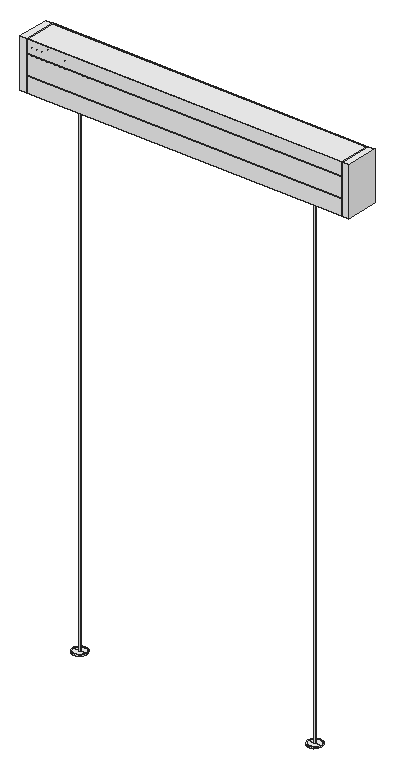
Revit family "2.3 inch  MAGIC WALL WASH LINEAR LIGHT", category Lighting Fixtures, host Face, Revit 2020 (continued)
Types (17): name | Wattage Comments | Wattage | Wall Mount | Suspenders Distance | Surface Mount | Recessed Mount | Photometric Web File | Pendent Mount | Order number | built-in parameter 1150142 | Model | built-in parameter 1150105 | Lumens | Light Source Height | Light Source Distance | built-in parameter 1150106 | Fixture Length
    .68   219.08   210.51   201.97   193.45   184.96   \r\n 176.50   168.05   159.63   152.06   146.43   140.82   135.21   129.61   124.03   118.45   \r\n 112.88   107.32   101.77   96.22    90.68    85.15    79.62    74.10    68.58    63.07    \r\n 57.57    52.06    46.57    41.07    35.58    30.08    24.60    19.11    13.62    8.13     \r\n 2.65     2.59     2.53     2.47     2.41     2.35     2.29     2.22     2.16     2.10     \r\n 2.04     1.98     1.92     1.86     1.80     1.74     1.68     1.62     1.56     1.50     \r\n 1.45     1.39     1.33     1.28     1.22     1.17     1.11     1.06     1.07     1.11     \r\n 1.16     1.20     1.24     1.28     1.32     1.36     1.40     1.44     1.48     1.52     \r\n 1.56     1.60     1.64     1.68     1.72     1.76     1.80     1.84     1.88     1.92     \r\n 1.96     2.00     2.04     2.07     2.11     2.15     2.19     2.23     2.27     2.31     \r\n 2.35     2.39     2.43     2.47     2.51     2.55     2.59     2.63     2.66     2.70     \r\n 2.74     2.78     2.82     2.86     2.89     2.93     2.97     3.01     3.05     3.09     \r\n 3.12     3.16     3.20     3.24     3.28     3.31     3.34     3.37     3.40     3.43     \r\n 3.46     3.48     3.51     3.54     3.57     3.59     3.62     3.64     3.67     3.69     \r\n 3.72     3.74     3.77     3.79     3.82     3.84     3.87     3.89     3.92     3.94     \r\n 3.97     3.99     4.01     4.03     4.06     4.08     4.09     4.10     4.11     4.12     \r\n 4.13     4.14     4.15     4.16     4.17     4.18     4.20     4.21     4.21     4.22     \r\n 4.23     4.24     4.25     4.26     4.27     4.28     4.28     4.29     4.30     4.31     \r\n 4.32     4.33     4.33     4.34     4.35     4.35     4.36     4.36     4.36     4.35     \r\n 4.34     4.33     4.32     4.31     4.31     4.30     4.29     4.28     4.27     4.26     \r\n 4.25     4.24     4.23     4.22     4.21     4.20     4.20     4.19     4.18     4.17     \r\n 4.17     4.15     4.14     4.12     4.11     4.09     4.08     4.06     4.05     4.04     \r\n 4.26     \r\n1793.11  1784.72  1776.37  1768.05  1759.78  1750.91  1742.08  1733.27  1724.51  1715.70  \r\n 1706.89  1698.08  1689.26  1680.60  1671.98  1663.41  1654.88  1645.91  1636.92  1627.91  \r\n 1618.90  1609.84  1600.83  1591.87  1582.97  1573.86  1564.78  1555.76  1546.81  1537.48  \r\n 1528.07  1518.71  1509.41  1500.13  1490.90  1478.28  1463.57  1448.80  1433.96  1419.19  \r\n 1404.47  1389.66  1374.64  1359.71  1344.86  1330.12  1315.58  1301.13  1286.78  1272.52  \r\n 1257.90  1243.30  1228.78  1214.34  1200.11  1186.11  1172.23  1158.49  1144.88  1131.48  \r\n 1118.17  1104.97  1091.86  1078.88  1065.99  1053.21  1040.53  1028.06  1015.03  1001.07  \r\n 987.22   973.47   959.56   945.44   931.50   917.73   904.14   891.00   878.14   865.40   \r\n 852.77   840.27   828.03   815.95   804.01   792.19   780.49   768.99   757.64   746.43   \r\n 735.34   724.39   713.62   703.04   692.55   682.16   671.85   661.65   651.59   640.50   \r\n 629.22   618.03   606.93   595.97   585.22   574.56   563.99   553.51   543.11   532.81   \r\n 522.67   512.60   502.60   492.67   482.81   473.02   463.31   453.67   444.09   434.57   \r\n 425.11   415.71   406.37   397.10   387.91   378.79   369.74   360.78   352.09   343.44   \r\n 334.85   326.32   317.85   309.43   301.05   292.71   284.40   276.14   267.91   259.72   \r\n 251.56   243.43   235.33   227.27   219.24   211.24   203.28   195.35   187.45   179.57   \r\n 171.73   163.91   156.12   148.35   140.91   135.55   130.20   124.86   119.53   114.20   \r\n 108.89   103.59   98.30    93.01    87.74    82.47    77.20    71.95    66.69    61.45    \r\n 56.21    50.97    45.74    40.51    35.28    30.06    24.83    19.61    14.39    9.17     \r\n 3.95     3.84     3.72     3.61     3.49     3.38     3.26     3.14     3.03     2.91     \r\n 2.79     2.68     2.56     2.44     2.33     2.22     2.10     1.99     1.88     1.77     \r\n 1.66     1.55     1.44     1.33     1.23     1.12     1.02     1.05     1.09     1.13     \r\n 1.18     1.22     1.26     1.30     1.35     1.39     1.43     1.47     1.52     1.56     \r\n 1.60     1.64     1.68     1.72     1.77     1.81     1.85     1.89     1.93     1.98     \r\n 2.02     2.06     2.10     2.14     2.18     2.22     2.26     2.30     2.35     2.39     \r\n 2.43     2.47     2.51     2.55     2.60     2.64     2.68     2.71     2.75     2.79     \r\n 2.83     2.87     2.91     2.95     2.99     3.03     3.07     3.10     3.14     3.18     \r\n 3.22     3.26     3.29     3.32     3.35     3.39     3.42     3.45     3.48     3.51     \r\n 3.54     3.57     3.59     3.62     3.65     3.68     3.71     3.74     3.77     3.80     \r\n 3.83     3.86     3.89     3.91     3.94     3.97     3.99     4.02     4.04     4.06     \r\n 4.08     4.10     4.12     4.13     4.14     4.15     4.17     4.18     4.19     4.21     \r\n 4.22     4.23     4.25     4.26     4.27     4.28     4.29     4.30     4.30     4.31     \r\n 4.32     4.33     4.34     4.34     4.35     4.36     4.37     4.38     4.39     4.39     \r\n 4.40     4.41     4.41     4.42     4.42     4.43     4.43     4.42     4.41     4.40     \r\n 4.39     4.38     4.38     4.36     4.35     4.34     4.33     4.32     4.31     4.30     \r\n 4.29     4.28     4.27     4.26     4.24     4.23     4.22     4.21     4.20     4.19     \r\n 4.18     4.17     4.16     4.15     4.13     4.11     4.09     4.07     4.06     4.04     \r\n 4.26     \r\n1793.11  1783.74  1774.41  1765.12  1755.50  1745.57  1735.67  1725.81  1715.93  1706.05  \r\n 1696.16  1686.33  1676.58  1666.89  1657.23  1647.13  1637.03  1626.91  1616.68  1606.40  \r\n 1596.18  1586.02  1575.54  1565.13  1554.80  1544.24  1533.42  1522.64  1511.92  1501.19  \r\n 1490.52  1479.91  1469.27  1458.50  1447.82  1437.23  1426.28  1411.10  1394.80  1378.60  \r\n 1362.60  1346.69  1330.89  1314.90  1298.71  1282.61  1266.61  1250.71  1234.96  1219.36  \r\n 1203.92  1188.87  1173.93  1159.09  1144.38  1129.80  1115.33  1100.97  1087.29  1074.24  \r\n 1061.34  1048.61  1035.56  1022.43  1009.39  996.45   984.25   972.32   960.49   948.78   \r\n 937.30   924.37   910.70   897.17   883.83   870.65   857.62   844.74   832.37   820.30   \r\n 808.33   796.48   784.87   773.51   762.24   751.06   739.97   729.02   718.18   707.44   \r\n 696.82   686.42   676.18   666.06   656.06   646.18   636.53   626.98   617.52   608.16   \r\n 598.85   589.53   579.41   568.90   558.49   548.26   538.30   528.41   518.60   508.86   \r\n 499.20   489.56   480.01   470.52   461.12   451.79   442.63   433.61   424.65   415.75   \r\n 406.92   398.15   389.38   380.63   371.94   363.30   354.72   346.19   337.74   329.49   \r\n 321.40   313.39   305.43   297.50   289.62   281.77   273.90   266.07   258.29   250.54   \r\n 242.84   235.18   227.56   219.98   212.44   204.96   197.50   190.08   182.69   175.33   \r\n 168.00   160.69   153.42   146.17   138.95   131.74   126.11   120.97   115.86   110.75   \r\n 105.66   100.57   95.50    90.43    85.38    80.33    75.30    70.26    65.24    60.22    \r\n 55.21    50.20    45.20    40.20    35.21    30.22    25.23    20.24    15.25    10.26    \r\n 5.28     5.10     4.93     4.75     4.57     4.39     4.22     4.04     3.86     3.68     \r\n 3.50     3.33     3.15     2.97     2.80     2.62     2.45     2.27     2.10     1.93     \r\n 1.76     1.59     1.43     1.26     1.10     0.99     1.03     1.07     1.11     1.15     \r\n 1.20     1.24     1.28     1.32     1.37     1.41     1.45     1.49     1.54     1.58     \r\n 1.62     1.66     1.70     1.75     1.79     1.83     1.87     1.92     1.96     2.00     \r\n 2.05     2.09     2.13     2.18     2.22     2.26     2.31     2.35     2.39     2.44     \r\n 2.48     2.52     2.56     2.61     2.65     2.69     2.73     2.77     2.81     2.86     \r\n 2.90     2.94     2.98     3.03     3.07     3.12     3.16     3.20     3.24     3.28     \r\n 3.31     3.35     3.38     3.41     3.44     3.47     3.50     3.53     3.56     3.59     \r\n 3.62     3.65     3.68     3.71     3.74     3.77     3.80     3.83     3.86     3.89     \r\n 3.91     3.94     3.97     4.00     4.03     4.06     4.08     4.11     4.14     4.17     \r\n 4.19     4.20     4.22     4.24     4.25     4.27     4.28     4.29     4.30     4.31     \r\n 4.31     4.32     4.32     4.33     4.34     4.35     4.36     4.38     4.39     4.40     \r\n 4.41     4.42     4.43     4.43     4.44     4.45     4.45     4.46     4.46     4.47     \r\n 4.47     4.48     4.48     4.49     4.50     4.49     4.48     4.47     4.46     4.45     \r\n 4.44     4.43     4.42     4.41     4.40     4.39     4.38     4.36     4.35     4.34     \r\n 4.33     4.32     4.31     4.29     4.28     4.26     4.25     4.23     4.22     4.21     \r\n 4.20     4.19     4.18     4.17     4.14     4.12     4.10     4.08     4.06     4.04     \r\n 4.26     \r\n1793.11  1782.82  1772.59  1762.39  1751.52  1740.59  1729.71  1718.84  1707.96  1697.08  \r\n 1686.24  1675.47  1664.74  1653.83  1642.70  1631.56  1620.27  1608.82  1597.43  1585.98  \r\n 1574.27  1562.63  1550.98  1538.82  1526.72  1514.68  1502.57  1490.54  1478.57  1466.35  \r\n 1454.14  1442.03  1429.72  1417.28  1404.87  1392.49  1380.18  1367.96  1355.66  1340.80  \r\n 1323.29  1305.86  1288.37  1271.02  1253.82  1237.14  1220.67  1204.33  1188.12  1172.05  \r\n 1156.09  1140.43  1125.63  1111.00  1096.54  1081.88  1067.28  1052.79  1038.84  1025.40  \r\n 1012.07  998.87   985.89   973.03   960.30   947.94   935.75   923.62   911.70   900.32   \r\n 889.08   877.98   867.37   857.02   846.78   834.44   822.07   809.81   797.68   785.73   \r\n 773.98   762.37   750.88   739.78   728.88   718.07   707.38   696.83   686.36   675.97   \r\n 665.71   655.76   645.91   636.15   626.50   616.93   607.45   598.06   588.79   579.87   \r\n 571.04   562.29   553.63   544.99   536.45   527.99   518.41   508.73   499.09   489.55   \r\n 480.11   470.77   461.71   452.73   443.81   434.96   426.17   417.45   408.80   400.23   \r\n 391.72   383.28   374.95   366.68   358.46   350.30   342.19   334.15   326.18   318.25   \r\n 310.39   302.58   294.82   287.24   279.76   272.32   264.91   257.55   250.22   242.93   \r\n 235.64   228.39   221.18   214.00   206.87   199.77   192.71   185.69   178.71   171.77   \r\n 164.85   157.97   151.12   144.30   137.50   130.73   123.98   117.61   112.68   107.76   \r\n 102.86   97.97    93.10    88.23    83.37    78.53    73.69    68.87    64.05    59.24    \r\n 54.43    49.63    44.84    40.05    35.27    30.49    25.71    20.93    16.16    11.38    \r\n 6.61     6.36     6.11     5.86     5.61     5.36     5.11     4.86     4.60     4.35     \r\n 4.10     3.85     3.61     3.36     3.11     2.87     2.62     2.38     2.14     1.90     \r\n 1.67     1.43     1.20     0.97     0.96     1.00     1.04     1.08     1.12     1.17     \r\n 1.21     1.25     1.29     1.33     1.38     1.42     1.46     1.50     1.54     1.59     \r\n 1.63     1.67     1.72     1.76     1.80     1.85     1.89     1.93     1.98     2.02     \r\n 2.07     2.11     2.16     2.20     2.25     2.29     2.34     2.38     2.42     2.47     \r\n 2.51     2.56     2.61     2.65     2.70     2.75     2.79     2.83     2.87     2.91     \r\n 2.95     3.00     3.04     3.08     3.13     3.17     3.21     3.25     3.29     3.33     \r\n 3.36     3.40     3.43     3.47     3.50     3.54     3.57     3.61     3.65     3.68     \r\n 3.72     3.76     3.79     3.82     3.85     3.88     3.91     3.93     3.96     3.99     \r\n 4.02     4.05     4.07     4.10     4.13     4.16     4.18     4.20     4.21     4.23     \r\n 4.24     4.26     4.27     4.29     4.30     4.32     4.33     4.35     4.36     4.37     \r\n 4.39     4.40     4.42     4.43     4.44     4.45     4.46     4.46     4.47     4.48     \r\n 4.48     4.49     4.50     4.51     4.52     4.53     4.54     4.54     4.55     4.55     \r\n 4.56     4.56     4.56     4.55     4.54     4.53     4.52     4.51     4.50     4.49     \r\n 4.48     4.47     4.46     4.45     4.44     4.43     4.42     4.40     4.39     4.38     \r\n 4.36     4.34     4.33     4.32     4.31     4.29     4.28     4.26     4.24     4.23     \r\n 4.21     4.20     4.19     4.18     4.16     4.14     4.11     4.08     4.06     4.04     \r\n 4.26     \r\n1793.11  1781.99  1770.92  1759.74  1747.87  1736.03  1724.23  1712.44  1700.65  1688.87  \r\n 1677.14  1665.46  1653.53  1641.47  1629.39  1616.91  1604.41  1591.97  1579.09  1566.27  \r\n 1553.43  1540.06  1526.75  1513.45  1500.10  1486.81  1473.39  1459.78  1446.25  1432.65  \r\n 1418.96  1405.29  1391.53  1377.79  1364.13  1350.10  1336.00  1321.95  1307.72  1293.50  \r\n 1279.31  1265.79  1250.21  1232.56  1215.09  1197.73  1180.56  1164.19  1148.00  1131.96  \r\n 1115.96  1100.06  1084.41  1069.58  1054.87  1040.29  1025.88  1011.61  997.58   984.31   \r\n 971.10   957.97   945.16   932.49   919.97   908.33   896.80   885.38   873.89   862.48   \r\n 851.19   840.20   829.34   818.56   808.12   797.95   787.89   778.02   768.36   757.75   \r\n 746.35   735.18   724.13   713.18   702.41   691.76   681.20   670.91   660.95   651.08   \r\n 641.29   631.44   621.70   612.05   602.58   593.25   583.98   574.78   565.85   557.03   \r\n 548.29   539.63   531.01   522.48   514.04   505.79   497.73   489.74   481.81   473.95   \r\n 465.50   456.54   447.66   438.89   430.23   421.65   413.15   404.68   396.20   387.81   \r\n 379.50   371.27   363.35   355.50   347.70   339.94   332.20   324.38   316.62   308.94   \r\n 301.32   293.81   286.51   279.26   272.07   264.93   257.82   250.73   243.67   236.66   \r\n 229.69   222.76   215.88   209.03   202.22   195.45   188.72   182.03   175.37   168.76   \r\n 162.17   155.63   149.12   142.64   136.19   129.78   123.40   117.05   110.73   105.14   \r\n 100.41   95.70    91.00    86.31    81.64    76.97    72.32    67.68    63.04    58.41    \r\n 53.79    49.18    44.57    39.97    35.38    30.78    26.19    21.60    17.01    12.43    \r\n 7.84     7.51     7.18     6.85     6.51     6.18     5.85     5.52     5.19     4.85     \r\n 4.52     4.19     3.87     3.54     3.21     2.89     2.57     2.25     1.93     1.62     \r\n 1.31     1.00     0.88     0.92     0.96     1.01     1.05     1.09     1.13     1.18     \r\n 1.22     1.26     1.30     1.34     1.38     1.42     1.46     1.51     1.55     1.59     \r\n 1.63     1.68     1.72     1.76     1.81     1.85     1.89     1.94     1.98     2.03     \r\n 2.08     2.12     2.17     2.22     2.26     2.31     2.35     2.40     2.44     2.49     \r\n 2.54     2.59     2.64     2.69     2.73     2.78     2.82     2.86     2.91     2.96     \r\n 3.01     3.05     3.09     3.13     3.17     3.21     3.25     3.30     3.34     3.38     \r\n 3.42     3.45     3.49     3.52     3.56     3.60     3.64     3.68     3.72     3.76     \r\n 3.79     3.83     3.86     3.89     3.93     3.96     4.00     4.03     4.07     4.10     \r\n 4.14     4.17     4.19     4.21     4.22     4.23     4.25     4.26     4.27     4.29     \r\n 4.30     4.32     4.33     4.34     4.36     4.37     4.39     4.40     4.42     4.43     \r\n 4.45     4.46     4.47     4.49     4.50     4.51     4.53     4.54     4.55     4.56     \r\n 4.57     4.58     4.58     4.59     4.59     4.60     4.61     4.61     4.62     4.62     \r\n 4.61     4.61     4.60     4.59     4.58     4.57     4.56     4.55     4.54     4.53     \r\n 4.52     4.51     4.50     4.48     4.47     4.46     4.45     4.44     4.42     4.41     \r\n 4.39     4.38     4.36     4.34     4.33     4.32     4.30     4.28     4.26     4.24     \r\n 4.23     4.21     4.20     4.19     4.17     4.15     4.12     4.09     4.07     4.05     \r\n 4.26     \r\n1793.11  1781.24  1769.42  1757.27  1744.57  1731.90  1719.29  1706.68  1694.06  1681.45  \r\n 1668.89  1656.16  1643.25  1630.32  1616.84  1603.37  1589.78  1575.85  1562.00  1547.73  \r\n 1533.29  1518.89  1504.36  1489.90  1475.26  1460.39  1445.60  1430.78  1415.95  1401.09  \r\n 1385.98  1370.94  1355.73  1340.31  1324.94  1309.45  1293.95  1278.60  1263.84  1249.11  \r\n 1234.44  1219.84  1205.28  1191.38  1177.60  1163.83  1147.57  1130.49  1113.88  1097.88  \r\n 1082.01  1066.25  1050.63  1035.14  1020.91  1006.78  992.68   978.60   964.66   
